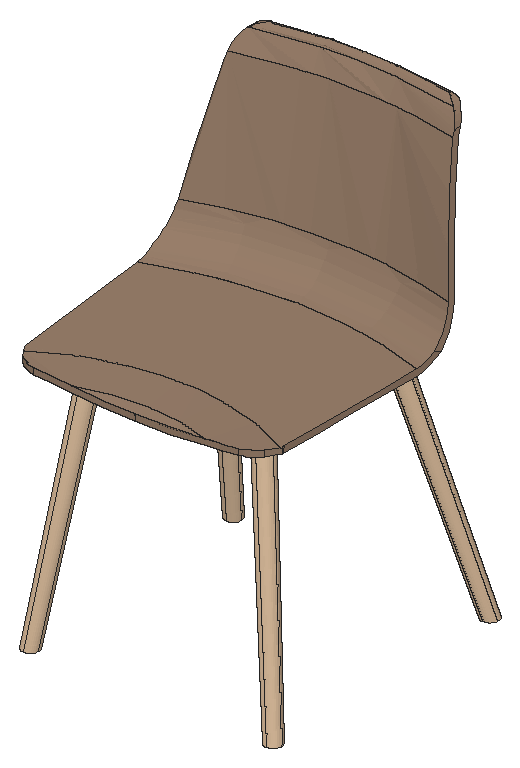
Revit family "FU_Chair_Sandler_Varya Tapiz 1-4", category Furniture, Revit 2020
Family settings
  OmniClass Number = 23.40.20.00
  OmniClass Title = General Furniture and Specialties
  Work Plane-Based = No
  Always vertical = Yes
  Cut with Voids When Loaded = No
  Shared = No
  Room Calculation Point = No
Parameters (values of type "Varya Tapiz 1.4")
  Width = 465 mm
  URL = "https://www.sandlerseating.com/product/varya-tapiz-1-4/"
  Shell = Leather - Tan - Sandler 131
  Model = "Varya Tapiz 1.4"
  Manufacturer = "Sandler"
  Height = 815 mm
  Frame [instance] = Wood - Oak - Natural - V
  Description = "Upholstered four-leg side chair on a solid oak base. Greenguard Certified."
  Depth = 500 mm
  Default Elevation = 0 mm
Reference planes
  plane 1 "Center (Front/Back)": y = 0
  plane 2: z = 0
  plane 3 "Center (Left/Right)": x = 0
  plane 4 "Right": x = -232.5
  plane 5 "Left": x = 232.5
  plane 6 "Back": y = 250
  plane 7 "Front": y = -250
  plane 8 "Height": z = 815
  plane 9 "Seat height": z = 450
  plane 10 "FL C RIGHT": through (4267.2, -214.244, 4.888) normal (0, -0.992, 0.1264)
  plane 11 "BL C RIGHT": through (4267.2, 233.07, 5.466) normal (0, -0.9652, -0.2616)
  plane 12 "FLL C FRONT": through (207.253, -1524, 4.121) normal (-0.9902, 0, -0.1395)
  plane 13 "BRL C FRONT": through (-217.821, -1524, 5.342) normal (-0.987, 0, 0.1606)
  plane 14: z = -3.5
Forms (mm)
  SweptBlend 1, solid, material "Wood - Oak - Natural - V" <- "Frame"
    path origin (0, 218.496, 59.229) x (0, 0.261633, -0.965167) y (1, 0, 0)
      loop
        line (64.951, -220.298) -> (-421.012, -143.96)
    profile "Pro_Circles : 28mm" origin (-220.298, 235.49, -3.46) x (-0.987886, -0.040601, 0.149778) y (0, -0.965167, -0.261633)
      loop
        arc (-13.967, 0.067) -> (-9.943, -9.849) -> (-0.067, -13.967) r 13.901
        arc (-0.067, -13.967) -> (9.896, -9.896) -> (13.967, 0.067) r 13.901
        arc (13.967, 0.067) -> (9.849, 9.943) -> (-0.067, 13.967) r 13.9
        arc (-0.067, 13.967) -> (-9.895, 9.895) -> (-13.967, 0.067) r 13.9
    end profile "Pro_Circles : 35mm" origin (-143.96, 108.346, 465.576) x (-0.987886, -0.040601, 0.149778) y (0, -0.965167, -0.261633)
      loop
        arc (-17.467, 0.067) -> (-12.418, -12.323) -> (-0.066, -17.467) r 17.401
        arc (-0.066, -17.467) -> (12.371, -12.371) -> (17.467, 0.067) r 17.401
        arc (17.467, 0.067) -> (12.323, 12.418) -> (-0.067, 17.467) r 17.4
        arc (-0.067, 17.467) -> (-12.37, 12.37) -> (-17.467, 0.067) r 17.4
  SweptBlend 2, solid, material "Wood - Oak - Natural - V" <- "Frame"
    path origin (0, -211.433, 26.947) x (0, -0.126428, -0.991976) y (1, 0, 0)
      loop
        line (30.67, 208.324) -> (-425.789, 144.541)
    profile "Pro_Circles : 28mm" origin (208.324, -215.31, -3.477) x (-0.990378, -0.017496, -0.137278) y (0, -0.991976, 0.126428)
      loop
        arc (-13.967, 0.067) -> (-9.943, -9.849) -> (-0.067, -13.967) r 13.901
        arc (-0.067, -13.967) -> (9.896, -9.896) -> (13.967, 0.067) r 13.901
        arc (13.967, 0.067) -> (9.849, 9.943) -> (-0.067, 13.967) r 13.9
        arc (-0.067, 13.967) -> (-9.895, 9.895) -> (-13.967, 0.067) r 13.9
    end profile "Pro_Circles : 35mm" origin (144.541, -157.601, 449.319) x (-0.990378, -0.017496, -0.137278) y (0, -0.991976, 0.126428)
      loop
        arc (-17.467, 0.067) -> (-12.418, -12.323) -> (-0.066, -17.467) r 17.401
        arc (-0.066, -17.467) -> (12.371, -12.371) -> (17.467, 0.067) r 17.401
        arc (17.467, 0.067) -> (12.323, 12.418) -> (-0.067, 17.467) r 17.4
        arc (-0.067, 17.467) -> (-12.37, 12.37) -> (-17.467, 0.067) r 17.4
  Extrusion 3, void
    sketch origin (0, 0, 0) x (1, 0, 0) y (0, 0, 1)
      loop
        line (-237.5, -22.943) -> (237.5, -22.943) -> (237.5, 0) -> (-237.5, 0) -> (-237.5, -22.943)
    from -260 to 250
  SweptBlend 4, solid, material "Wood - Oak - Natural - V" <- "Frame"
    path origin (0, 218.496, 59.229) x (0, 0.261633, -0.965167) y (-1, 0, 0)
      loop
        line (64.951, -220.298) -> (-421.012, -143.96)
    profile "Pro_Circles : 28mm" origin (220.298, 235.49, -3.46) x (-0.987886, 0.040601, -0.149778) y (0, -0.965167, -0.261633)
      loop
        arc (13.967, 0.067) -> (9.895, 9.895) -> (0.067, 13.967) r 13.9
        arc (0.067, 13.967) -> (-9.849, 9.943) -> (-13.967, 0.067) r 13.9
        arc (-13.967, 0.067) -> (-9.896, -9.896) -> (0.067, -13.967) r 13.901
        arc (0.067, -13.967) -> (9.943, -9.849) -> (13.967, 0.067) r 13.901
    end profile "Pro_Circles : 35mm" origin (143.96, 108.346, 465.576) x (-0.987886, 0.040601, -0.149778) y (0, -0.965167, -0.261633)
      loop
        arc (17.467, 0.067) -> (12.37, 12.37) -> (0.067, 17.467) r 17.4
        arc (0.067, 17.467) -> (-12.323, 12.418) -> (-17.467, 0.067) r 17.4
        arc (-17.467, 0.067) -> (-12.371, -12.371) -> (0.066, -17.467) r 17.401
        arc (0.066, -17.467) -> (12.418, -12.323) -> (17.467, 0.067) r 17.401
  SweptBlend 5, solid, material "Wood - Oak - Natural - V" <- "Frame"
    path origin (0, -211.433, 26.947) x (0, -0.126428, -0.991976) y (-1, 0, 0)
      loop
        line (30.67, 208.324) -> (-425.789, 144.541)
    profile "Pro_Circles : 28mm" origin (-208.324, -215.31, -3.477) x (-0.990378, 0.017496, 0.137278) y (0, -0.991976, 0.126428)
      loop
        arc (13.967, 0.067) -> (9.895, 9.895) -> (0.067, 13.967) r 13.9
        arc (0.067, 13.967) -> (-9.849, 9.943) -> (-13.967, 0.067) r 13.9
        arc (-13.967, 0.067) -> (-9.896, -9.896) -> (0.067, -13.967) r 13.901
        arc (0.067, -13.967) -> (9.943, -9.849) -> (13.967, 0.067) r 13.901
    end profile "Pro_Circles : 35mm" origin (-144.541, -157.601, 449.319) x (-0.990378, 0.017496, 0.137278) y (0, -0.991976, 0.126428)
      loop
        arc (17.467, 0.067) -> (12.37, 12.37) -> (0.067, 17.467) r 17.4
        arc (0.067, 17.467) -> (-12.323, 12.418) -> (-17.467, 0.067) r 17.4
        arc (-17.467, 0.067) -> (-12.371, -12.371) -> (0.066, -17.467) r 17.401
        arc (0.066, -17.467) -> (12.418, -12.323) -> (17.467, 0.067) r 17.401
Cuts and joins
  Extrusion 3 cuts SweptBlend 5
  Extrusion 3 cuts SweptBlend 1
  Extrusion 3 cuts SweptBlend 4
  Extrusion 3 cuts SweptBlend 2
Dimensions and locks
  equal spacing: plane 4 "Right", plane 3 "Center (Left/Right)", plane 5 "Left"
  "Width": plane 4 "Right" to plane 5 "Left"
  equal spacing: plane 6 "Back", plane 1 "Center (Front/Back)", plane 7 "Front"
  "Depth": plane 6 "Back" to plane 7 "Front"
  "Height": plane 8 "Height" to level
  plane 9 "Seat height" to level = 450 mm
  aligned and locked: level to plane 2
Automatic sketch dimensions
  SweptBlend 1 sketch curve to plane 4 "Right" = 88.54 mm
  SweptBlend 1 sketch curve to plane 4 "Right" = 12.202 mm
  SweptBlend 1 sketch curve to SweptBlend 1 sketch curve = 485.964 mm
  plane 5 "Left" to SweptBlend 2 sketch curve = 87.959 mm
  plane 5 "Left" to SweptBlend 2 sketch curve = 24.176 mm
  SweptBlend 2 sketch curve to SweptBlend 2 sketch curve = 456.459 mm
  Extrusion 3 sketch curve to level = 0 mm
  plane 4 "Right" to Extrusion 3 sketch curve = 5 mm
  Extrusion 3 sketch curve to plane 5 "Left" = 5 mm
  Extrusion 3 sketch curve to plane 14 = 19.443 mm
  SweptBlend 4 sketch curve to plane 5 "Left" = 88.54 mm
  SweptBlend 4 sketch curve to plane 5 "Left" = 12.202 mm
  SweptBlend 4 sketch curve to SweptBlend 4 sketch curve = 485.964 mm
  plane 4 "Right" to SweptBlend 5 sketch curve = 87.959 mm
  plane 4 "Right" to SweptBlend 5 sketch curve = 24.176 mm
  SweptBlend 5 sketch curve to SweptBlend 5 sketch curve = 456.459 mm
Nested families
  nested 1: "TP02" at (0, 8.12, 405), Shell Material <- "Shell", type "TP02"
    with Shell Material Leather - Tan - Sandler 131
Definition of nested family "TP02"
  Parameters (values of type "TP02")
    Youtube clip = ""
    Uniformat II Description = "Movable Furnishings"
    Uniformat II Code = ""
    Uniclass 2015 Name = ""
    Uniclass 2015 Code = ""
    Uniclass 2.0 Description = ""
    Uniclass 2.0 Code = ""
    Uniclass 1.4 Description = ""
    Uniclass 1.4 Code = ""
    UNSPSC Code = ""
    Technical description = ""
    Default Elevation = 1219.2 mm
    401D = no
    Region South America = "All"
    Region Oceania = "All"
    Region North America = "All"
    Region Middle East = "All"
    Region Europe = "All"
    Region Asia = "All"
    Region Antarctica = "All"
    Region Africa = "All"
    QR code = "https://www.sandlerseating.com/product/dunas-lounge-5-1/"
    Product url = ""
    Product name = "Dunas Lounge 5.1"
    Product group = "Chair"
    Product family = "Furniture"
    Product data url = "https://www.sandlerseating.com/product/dunas-lounge-5-1/"
    Product certification = ""
    Product SKU = "??"
    Product Guid = "??"
    OmniClass Description = ""
    OmniClass Code = "23-21 23 15 17"
    NBS Reference Description = ""
    NBS Reference Code = ""
    Model = "Dunas Lounge 5.1"  # constant formula
    Masterformat 2014 Description = "Chair Mats"
    Masterformat 2014 Code = "12 48 43.13"
    Manufacturer name = "Sandler"
    Manufacturer country = "USA"
    Manufacturer = "Sandler"  # constant formula
    401G = yes
    Installation instructions = ""
    IFC Classification = "Furnishing Element"
    GTIN code = ""
    Edition number = 1
    Design country = "Brasil"
    Description = "Chair"  # constant formula
    Date of publishing = ""
    COBIe Type Category = ""
    Brand url = "https://www.sandlerseating.com/"
    Shell Material [instance] = none
    BIMobject main category code = "furniture"
    BIMobject main category = "Furniture"
    BIMobject category code = "furniture-chair"
    BIMobject category = "Chair"
  Reference planes
    plane 1 "Center Front/Back": y = 0
    plane 2: z = 0
    plane 3 "Center Left/Right": x = 0
  Forms (mm)
    SweptBlend 1, solid, material <- "Shell Material"
      path origin (5.681, -212.5, 0) x (1, 0, 0) y (0, 1, 0)
        loop
          arc (-317.221, 139.285) -> (-9.402, 229.926) -> (301.107, 148.975) r 600
      profile "Profile Lateral : Profile Lateral" origin (-311.539, -73.215, 0) x (-0.528701, 0.848808, 0) y (0, 0, 1)
        loop
          arc (220.072, 373.875) -> (220.776, 379.083) -> (216.324, 381.876) r 4.851
          arc (216.324, 381.876) -> (209.979, 378.228) -> (205.376, 372.537) r 19.958
          arc (205.376, 372.537) -> (196.162, 356.573) -> (188.635, 339.748) r 179.403
          arc (188.635, 339.748) -> (162.543, 233.058) -> (144.335, 124.743) r 1498.854
          arc (144.335, 124.743) -> (120.197, 79.841) -> (74.028, 58.225) r 81.068
          line (74.028, 58.225) -> (-180.577, 50.222)
          arc (-180.577, 50.222) -> (-217.915, 49.974) -> (-255.089, 46.48) r 428.848
          arc (-255.089, 46.48) -> (-277.323, 40.838) -> (-297.701, 30.309) r 100.67
          arc (-297.701, 30.309) -> (-299.067, 23.371) -> (-292.129, 22.005) r 5
          arc (-292.129, 22.005) -> (-273.768, 31.491) -> (-253.736, 36.572) r 90.67
          arc (-253.736, 36.572) -> (-217.251, 39.995) -> (-180.606, 40.216) r 418.848
          line (-180.606, 40.216) -> (74.763, 48.243)
          arc (74.763, 48.243) -> (126.989, 72.501) -> (154.223, 123.238) r 91.068
          arc (154.223, 123.238) -> (172.269, 230.706) -> (198.126, 336.566) r 1488.854
          arc (198.126, 336.566) -> (205.277, 352.434) -> (214.019, 367.485) r 169.403
          arc (214.019, 367.485) -> (216.964, 370.757) -> (220.072, 373.875) r 86.344
      end profile "Profile Lateral : Profile Lateral" origin (306.788, -63.525, 0) x (0.501844, 0.864958, 0) y (0, 0, 1)
        loop
          arc (220.072, 373.875) -> (220.776, 379.083) -> (216.324, 381.876) r 4.851
          arc (216.324, 381.876) -> (209.979, 378.228) -> (205.376, 372.537) r 19.958
          arc (205.376, 372.537) -> (196.162, 356.573) -> (188.635, 339.748) r 179.403
          arc (188.635, 339.748) -> (162.543, 233.058) -> (144.335, 124.743) r 1498.854
          arc (144.335, 124.743) -> (120.197, 79.841) -> (74.028, 58.225) r 81.068
          line (74.028, 58.225) -> (-180.577, 50.222)
          arc (-180.577, 50.222) -> (-217.915, 49.974) -> (-255.089, 46.48) r 428.848
          arc (-255.089, 46.48) -> (-277.323, 40.838) -> (-297.701, 30.309) r 100.67
          arc (-297.701, 30.309) -> (-299.067, 23.371) -> (-292.129, 22.005) r 5
          arc (-292.129, 22.005) -> (-273.768, 31.491) -> (-253.736, 36.572) r 90.67
          arc (-253.736, 36.572) -> (-217.251, 39.995) -> (-180.606, 40.216) r 418.848
          line (-180.606, 40.216) -> (74.763, 48.243)
          arc (74.763, 48.243) -> (126.989, 72.501) -> (154.223, 123.238) r 91.068
          arc (154.223, 123.238) -> (172.269, 230.706) -> (198.126, 336.566) r 1488.854
          arc (198.126, 336.566) -> (205.277, 352.434) -> (214.019, 367.485) r 169.403
          arc (214.019, 367.485) -> (216.964, 370.757) -> (220.072, 373.875) r 86.344
    Extrusion 2, void
      sketch origin (5.681, 0, 0) x (1, 0, 0) y (0, 1, 0)
        loop
          line (-247.765, 106.22) -> (-247.765, 266.22) -> (-487.765, 266.22) -> (-487.765, -333.78) -> (-7.5, -333.78) -> (472.765, -333.78) -> (472.765, 266.22) -> (232.765, 266.22) -> (232.765, 106.22) -> (213.357, -213.191)
          arc (213.357, -213.191) -> (196.502, -241.247) -> (166.837, -255.077) r 55.957
          arc (166.837, -255.077) -> (79.688, -257.728) -> (-7.5, -258.12) r 3363.946
          arc (-7.5, -258.12) -> (-94.688, -257.728) -> (-181.837, -255.077) r 3363.946
          arc (-181.837, -255.077) -> (-211.502, -241.247) -> (-228.357, -213.191) r 55.957
          line (-228.357, -213.191) -> (-247.765, 106.22)
      from 0 to 250
    Extrusion 3, void
      sketch origin (5.681, 0, 0) x (1, 0, 0) y (0, 0, 1)
        loop
          line (232.252, 65.67) -> (445.023, 65.67) -> (445.023, 415.67) -> (145.999, 415.67) -> (145.999, 382.34)
          arc (145.999, 382.34) -> (169.969, 371.303) -> (183.516, 348.657) r 44.637
          line (183.516, 348.657) -> (232.252, 65.67)
        loop
          line (-246.936, 65.67) -> (-200.298, 330.165) -> (-196.12, 348.236)
          arc (-196.12, 348.236) -> (-183.265, 370.366) -> (-160.18, 381.415) r 43.434
          line (-160.18, 381.415) -> (-160.18, 415.67) -> (-460.023, 415.67) -> (-460.023, 65.67) -> (-246.936, 65.67)
      from -241.575 to -47.482
  Cuts and joins
    Extrusion 2, Extrusion 3 cuts SweptBlend 1
  Dimensions and locks
    aligned and locked: level to plane 2
